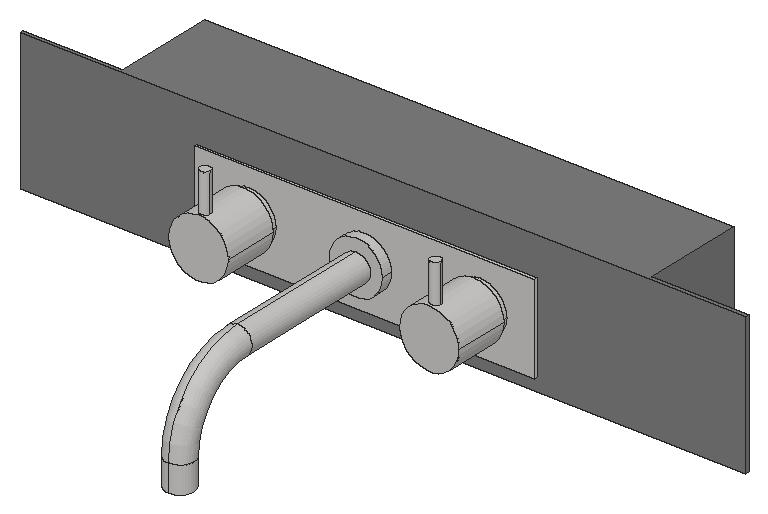
Revit family "1513K", category Plumbing Fixtures, Revit 2021
Family settings
  Round Connector Dimension = Use Diameter
  Part Type = Normal
  Work Plane-Based = No
  Always vertical = Yes
  Cut with Voids When Loaded = No
  Shared = No
  Room Calculation Point = No
Parameters
  e-mail = "info@vola.com"
  URL = "http://vola.com"
  Telephone = "+45 7023 5500"
  Quality management standard = "ISO 9001"
  Organisation no. / DUNS no. = "17531328"
  Occupational health and safety management standard = "ISO 18001"
  Mounting Instructions = "http://vola.com/service/producturl.ashx?name=1513K"
  Model = "1513K"
  Mixer Offset [instance] = 12.00 mm
  Mixer = yes
  Materials and components information = "http://vola.com/service/producturl.ashx?name=1513K"
  Manufacturer = "VOLA A/S"
  Maintenance Instructions = "http://vola.com/service/producturl.ashx?name=1513K"
  Guarantee = "2 years"
  Flow = "5,00 l/min"
  Environmental management standard = "ISO 14000"
  Default Elevation = 0.00 mm
  Connection - All relevant connections = "½\" for water connection"
  Approvals = "http://vola.com/service/producturl.ashx?name=1513K"
Reference planes
  plane 1 "Center (Front/Back)": y = 0
  plane 2: z = 0
  plane 3 "Center (Left/Right)": x = 0
  plane 4 "Mixer plane": y = 12
  plane 5 "Wall Surface": y = 0
Forms (mm)
  Extrusion 1, solid, material "Stainless Steel", visible <- "Mixer"
    sketch origin (-17, 11.58, 0) x (0, 0, -1) y (1, 0, 0)
      loop
        circle (0, 17) r 17
    from 0 to 11.58
  Extrusion 2, solid, material "Stainless Steel", visible <- "Mixer"
    sketch origin (60, 11.58, 0) x (0, 0, -1) y (1, 0, 0)
      loop
        circle (0, 18) r 18
    from 0 to 11.58
  Extrusion 3, solid, material "Stainless Steel", visible <- "Mixer"
    sketch origin (-244, 12, 47.5) x (0, 0, -1) y (1, 0, 0)
      loop
        circle (47.5, 166) r 18
    from 0 to 12
Dimensions and locks
  "Mixer Offset": plane 4 "Mixer plane" to plane 1 "Center (Front/Back)"
  aligned and locked: plane 2 to level
  aligned and locked: nested 1 to plane 4 "Mixer plane"  (x2)
  aligned and locked: plane 1 "Center (Front/Back)" to Extrusion 2
  aligned and locked: plane 1 "Center (Front/Back)" to Extrusion 1
  aligned and locked: plane 1 "Center (Front/Back)" to Extrusion 3
Automatic sketch dimensions
  nested 1 to Extrusion 3 sketch curve = 47.50 mm
  Extrusion 3 sketch curve to nested 1 = 166.00 mm
  radius of Extrusion 1 sketch curve to nested 1 = 0.00 mm
  radius of Extrusion 2 sketch curve to nested 1 = 0.00 mm
  radius of Extrusion 3 sketch curve = 18.00 mm
Nested families
  nested 1: "1500" at (0, 83.5, -55), visible <- "Mixer", type "1500"
  nested 2: "010" at (0, -2, 0), type "010"
  nested 3: "NR17" at (78, -2, 0), type "NR17"
  nested 4: "NR17" at (-78, -2, 0), type "NR17"
  nested 5: "003K" at (0, 0, 0) x (1, 0, 0) z (0, -1, 0), type "003K"
Connectors
  piping at (-78, 60, -55), diameter 28
    settings: on nested 1, index 1, connector inside diameter 1.10236", connector length 0.00 mm, flow factor 0, pipe flow 0 GPM, pressure drop 0.00 psi, fitting loss kfactor 0, connector angle 0.00°, fixture units 0, engagement length 0.00 mm, angle of deflection 0.00°, flow configuration 0, flow direction 1, fitting loss method 0, system type 19, joint type 0, gender type 0, connector reference index -1, connector utility 0, adjustable connector no, is connector primary yes, connector description ""
  piping at (78, 60, -55), diameter 28
    settings: on nested 1, index 2, connector inside diameter 1.10236", connector length 0.00 mm, flow factor 0, pipe flow 0 GPM, pressure drop 0.00 psi, fitting loss kfactor 0, connector angle 0.00°, fixture units 0, engagement length 0.00 mm, angle of deflection 0.00°, flow configuration 0, flow direction 1, fitting loss method 0, system type 20, joint type 0, gender type 0, connector reference index -1, connector utility 0, adjustable connector no, is connector primary no, connector description ""
Definition of nested family "1500"
  Parameters
    e-mail = "info@vola.com"
    URL = "http://vola.com"
    Telephone = "+45 7023 5500"
    Quality management standard = "ISO 9001"
    Organisation no. / DUNS no. = "17531328"
    Occupational health and safety management standard = "ISO 18001"
    Mounting Instructions = "http://vola.com/service/producturl.ashx?name=1500"
    Model = "1500"
    Materials and components information = "http://vola.com/service/producturl.ashx?name=1500"
    Manufacturer = "VOLA A/S"
    Maintenance Instructions = "http://vola.com/service/producturl.ashx?name=1500"
    Guarantee = "2 years"
    Flow = "64,00 l/min"
    Environmental management standard = "ISO 14000"
    Default Elevation = 0.00 mm
    Connection - All relevant connections = ""
    Approvals = "http://vola.com/service/producturl.ashx?name=1500"
  Reference planes
    plane 1 "Center (Front/Back)": y = 0
    plane 2: z = 0
    plane 3 "Center (Left/Right)": x = 0
    plane 4 "Inlet Center Plane": y = -23.5
    plane 5: z = 55
  Forms (mm)
    Extrusion 1, solid
      sketch origin (10, 0, -14) x (1, 0, 0) y (0, 1, 0)
        loop
          line (-186.5, 0) -> (-186.5, -69) -> (171.5, -69) -> (171.5, 0) -> (-186.5, 0)
      from 21.5 to 116.5
    Extrusion 2, solid
      sketch origin (10, -1, -14) x (1, 0, 0) y (0, 1, 0)
        loop
          line (-254, -68) -> (-254, -70.5) -> (236.5, -70.5) -> (236.5, -68) -> (-254, -68)
      from 21.5 to 116.5
    Extrusion 3, solid
      sketch origin (-66, 1.5, 7.5) x (0, 1, 0) y (1, 0, 0)
        loop
          circle (-25, -12) r 14
      from 0 to 7.5
    Extrusion 4, solid
      sketch origin (90, 1.5, 7.5) x (0, 1, 0) y (1, 0, 0)
        loop
          circle (-25, -12) r 14
      from 0 to 7.5
    Extrusion 5, solid
      sketch origin (65.5, -71.5, -14) x (-1, 0, 0) y (0, 0, -1)
        loop
          circle (-12.5, -69) r 18
      from 0 to 0.42
    Extrusion 6, solid
      sketch origin (-12.5, -71.5, -14) x (-1, 0, 0) y (0, 0, -1)
        loop
          circle (-12.5, -69) r 17
      from 0 to 0.42
  Cuts and joins
    joined: Extrusion 1, Extrusion 2
  Lines and regions (mm)
    reference lines
      curve 1: line (-78, -23.5, 55) -> (-78, -108.5, 55)
      curve 2: line (-78, -23.5, 55) -> (-78, -23.5, -44)
      curve 3: line (78, -23.5, 55) -> (78, -108.5, 55)
      curve 4: line (78, -23.5, 55) -> (78, -23.5, -44)
      curve 5: line (0, -23.5, 55) -> (0, -108.5, 55)
  Dimensions and locks
    aligned and locked: plane 2 to level
    aligned and locked: Extrusion 1 to Extrusion 2
    aligned and locked: Extrusion 2 to Extrusion 1
Definition of nested family "010"
  Parameters
    e-mail = "info@vola.com"
    URL = "http://vola.com"
    Telephone = "+45 7023 5500"
    Quality management standard = "ISO 9001"
    Organisation no. / DUNS no. = "17531328"
    Occupational health and safety management standard = "ISO 18001"
    Mounting Instructions = "http://vola.com/service/producturl.ashx?name=010"
    Model = "010"
    Materials and components information = "http://vola.com/service/producturl.ashx?name=010"
    Manufacturer = "VOLA A/S"
    Maintenance Instructions = "http://vola.com/service/producturl.ashx?name=010"
    Guarantee = "2 years"
    Flow = "0 l/min"
    Environmental management standard = "ISO 14000"
    Default Elevation = 0.00 mm
    Connection - All relevant connections = ""
    Approvals = "http://vola.com/service/producturl.ashx?name=010"
  Reference planes
    plane 1 "Center (Front/Back)": y = 0
    plane 2: z = 0
    plane 3 "Center (Left/Right)": x = 0
  Forms (mm)
    Extrusion 1, solid
      sketch origin (0, 0, 0) x (1, 0, 0) y (0, 0, 1)
        loop
          circle (0, 0) r 18
      from 0 to 7
    Sweep 2, solid
      path origin (0, 0, 0) x (0, 1, 0) y (0, 0, 1)
        loop
          line (-7, 0) -> (-107, 0)
          arc (-107, 0) -> (-141.648, -14.352) -> (-156, -49) r 49
      profile origin (0, -141.648, -14.352) x (0, 0.707107, -0.707107) y (1, 0, 0)
        loop
          circle (0, 0) r 9.5
    Extrusion 3, solid
      sketch origin (0, -156, -49) x (0, -1, 0) y (-1, 0, 0)
        loop
          circle (0, 0) r 9.5
      from 0 to 18
  Dimensions and locks
    aligned and locked: plane 2 to level
Definition of nested family "NR17"
  Parameters
    e-mail = "info@vola.com"
    URL = "http://vola.com"
    Telephone = "+45 7023 5500"
    Quality management standard = "ISO 9001"
    Organisation no. / DUNS no. = "17531328"
    Occupational health and safety management standard = "ISO 18001"
    Mounting Instructions = "http://vola.com/service/producturl.ashx?name=NR17"
    Model = "NR17"
    Materials and components information = "http://vola.com/service/producturl.ashx?name=NR17"
    Manufacturer = "VOLA A/S"
    Maintenance Instructions = "http://vola.com/service/producturl.ashx?name=NR17"
    Guarantee = "2 years"
    Environmental management standard = "ISO 14000"
    Default Elevation = 0.00 mm
    Connection - All relevant connections = ""
    Approvals = "http://vola.com/service/producturl.ashx?name=NR17"
  Reference planes
    plane 1 "Center (Front/Back)": y = 0
    plane 2: z = 0
    plane 3 "Center (Left/Right)": x = 0
  Forms (mm)
    Extrusion 1, solid
      sketch origin (0, 0, 0) x (1, 0, 0) y (0, 0, 1)
        loop
          circle (0, 0) r 20
      from 5 to 42.5
    Extrusion 2, solid
      sketch origin (0, -2.75, 0) x (0, -1, 0) y (1, 0, 0)
        loop
          circle (34.5, 0) r 3.5
      from 19 to 45.5
    Extrusion 3, solid
      sketch origin (0, 0, 0) x (1, 0, 0) y (0, 0, 1)
        loop
          circle (0, 0) r 18
      from 0 to 5
  Cuts and joins
    joined: Extrusion 1, Extrusion 2
  Dimensions and locks
    aligned and locked: plane 2 to level
Definition of nested family "003K"
  Parameters
    e-mail = "info@vola.com"
    URL = "http://vola.com"
    Telephone = "+45 7023 5500"
    Quality management standard = "ISO 9001"
    Organisation no. / DUNS no. = "17531328"
    Occupational health and safety management standard = "ISO 18001"
    Mounting Instructions = "http://vola.com/service/producturl.ashx?name=003K"
    Model = "003K"
    Materials and components information = "http://vola.com/service/producturl.ashx?name=003K"
    Manufacturer = "VOLA A/S"
    Maintenance Instructions = "http://vola.com/service/producturl.ashx?name=003K"
    Guarantee = "2 years"
    Environmental management standard = "ISO 14000"
    Default Elevation = 1219.20 mm
    Connection - All relevant connections = ""
    Approvals = "http://vola.com/service/producturl.ashx?name=003K"
  Reference planes
    plane 1 "Center (Front/Back)": y = 0
    plane 2: z = 0
    plane 3 "Center (Left/Right)": x = 0
  Forms (mm)
    Extrusion 1, solid
      sketch origin (0, 0, 0) x (1, 0, 0) y (0, 1, 0)
        loop
          line (-115, 30) -> (-115, -30) -> (115, -30) -> (115, 30) -> (-115, 30)
        loop
          circle (0, 0) r 16.5
        loop
          circle (-78, 0) r 16.5
        loop
          circle (78, 0) r 16.5
      from 0 to 2
  Dimensions and locks
    aligned and locked: plane 2 to level
